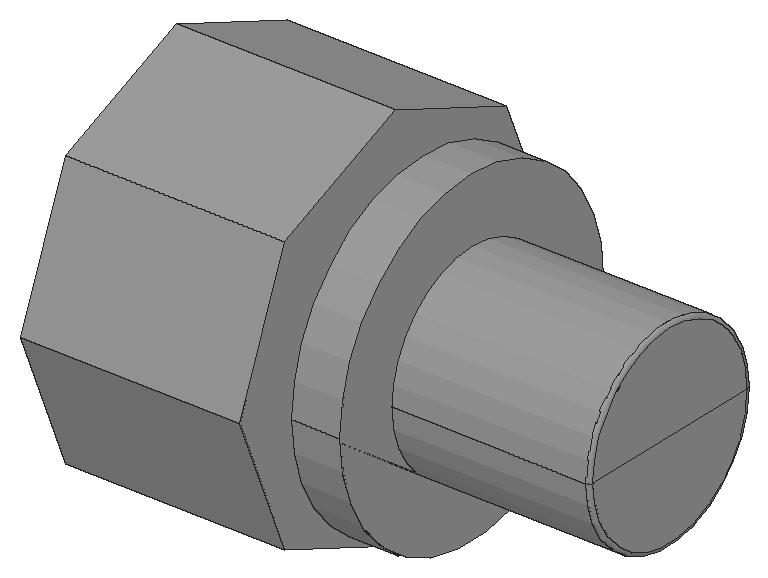
Revit family "BIMLIB_Переход_ВР_PEX_РОСТерм", category Соединительные детали трубопроводов, Revit 2017
Family settings
  Размер круглого соединителя = Использовать диаметр
  Тип детали = Соединение
  На основе рабочей плоскости = Нет
  Всегда вертикально = Да
  При загрузке вырезать с полостями = Нет
  Общий = Нет
Parameters (values of type "Переход ВР PEX")
  РТ_S [instance] = size_lookup("Наименование", "РТ_S1", 0 mm, РТ_DN, РТ_GN)  # 45 mm
  РТ_S-D [instance] = РТ_S - 4 mm  # 41 mm
  РТ_N [instance] = size_lookup("Наименование", "РТ_N", 0 mm, РТ_DN, РТ_GN)  # 12.5 mm
  РТ_L2 [instance] = size_lookup("Наименование", "РТ_L2", 0 mm, РТ_DN, РТ_GN)  # 61.5 mm
  РТ_L1 [instance] = size_lookup("Наименование", "РТ_L1", 0 mm, РТ_DN, РТ_GN)  # 43 mm
  РТ_K [instance] = size_lookup("Наименование", "РТ_K", 0 mm, РТ_DN, РТ_GN)  # 12 mm
  РТ_J [instance] = size_lookup("Наименование", "РТ_J", 0 mm, РТ_DN, РТ_GN)  # 14.8 mm
  РТ_H [instance] = size_lookup("Наименование", "РТ_H", 0 mm, РТ_DN, РТ_GN)  # 12 mm
  РТ_GN [instance] = 25 mm
  РТ_DN [instance] = 25 mm
  РТ_D [instance] = size_lookup("Наименование", "РТ_D", 0 mm, РТ_DN, РТ_GN)  # 25 mm
  РТ_C [instance] = size_lookup("Наименование", "РТ_C", 0 mm, РТ_DN, РТ_GN)  # 6 mm
  РТ_B [instance] = size_lookup("Наименование", "РТ_B", 0 mm, РТ_DN, РТ_GN)  # 12.8 mm
  Описание = "Переход ВР"  # constant formula
  URL = "http://rostherm.ru/"
  BL_Разработано = "support@bimlib.ru"  # constant formula
  BL_Email = "rostherm@bimlib.ru"  # constant formula
  BL_BIM library = "https://bimlib.pro/manufacturer/rosterm/1632/"
  ADSK_Расход жидкости = 0.0 L/s
  ADSK_Позиция = ""
  ADSK_Обозначение = "ГОСТ 32415-2013"  # constant formula
  ADSK_Наименование краткое [instance] = size_lookup("Наименование", "", "-", РТ_DN, РТ_GN)  # "Переход_ВР_25х1''"
  ADSK_Наименование [instance] = size_lookup("Наименование", "", "-", РТ_DN, РТ_GN)  # "Переход_ВР_25х1''"
  ADSK_Материал = BIMLIB_Латунь_РТ
  ADSK_Масса_Текст = ""
  ADSK_Масса [instance] = 0
  ADSK_Марка [instance] = size_lookup("артикул", "", "-", РТ_DN, РТ_GN)  # "5115"
  ADSK_Код изделия [instance] = size_lookup("артикул", "", "-", РТ_DN, РТ_GN)  # "5115"
  ADSK_Завод-изготовитель = "РОСТерм"  # constant formula
  ADSK_Единица измерения = "шт."  # constant formula
  ADSK_Версия Revit = "2017"  # constant formula
  ADSK_URL страницы изделия = "http://rostherm.ru/pexb/"
  ADSK_URL документации изделия = "http://rostherm.ru/"
Reference planes
  plane 1 "По центру (Вперед/Назад)": y = 0
  plane 2: z = 0
  plane 3 "По центру (Влево/Вправо)": x = 0
  plane 4: x = -30.75
  plane 5: x = 30.75
  plane 6: x = -18.25
  plane 7: x = -12.25
  plane 8 "B": x = -25.05
  plane 9 "C/H": x = -6.25
  plane 10: x = -18.25
  plane 11: x = -3.45
  plane 12: x = -18.75
  plane 13: y = 12.5
  plane 14: y = -12.5
  plane 15: x = 6
Forms (mm)
  Extrusion 1, solid, material "BIMLIB_Латунь_РТ" <- "ADSK_Материал", detail levels medium+fine
    sketch origin (0, 0, 0) x (0, 1, 0) y (0, 0, 1)
      loop
        circle (0, 0) r 20.5
    from 0 to 6
  Revolve 2, solid, material "BIMLIB_Латунь_РТ" <- "ADSK_Материал", detail levels medium+fine
    sketch origin (0, 0, 0) x (1, 0, 0) y (0, 1, 0)
      loop
        line (30.75, 0) -> (30.75, 12)
        arc (30.75, 12) -> (30.604, 12.354) -> (30.25, 12.5) r 0.5
        line (30.25, 12.5) -> (-3.45, 12.5) -> (-3.45, 0) -> (30.75, 0)
      axis (-3.45, 0) -> (30.75, 0)
    angle from 0 to 360
  Extrusion 3, solid, material "BIMLIB_Латунь_РТ" <- "ADSK_Материал", detail levels medium+fine
    sketch origin (0, 0, 0) x (0, 1, 0) y (0, 0, 1)
      loop
        line (0, 24.354) -> (-17.221, 17.221) -> (-24.354, 0) -> (-17.221, -17.221) -> (0, -24.354) -> (17.221, -17.221) -> (24.354, 0) -> (17.221, 17.221) -> (0, 24.354)
    from -30.75 to -3.45
Lines and regions (mm)
  model lines, detail levels coarse
    curve 1: line (-30.75, 0, 0) -> (6, 0, 0)
    curve 2: line (-30.75, 0, 15.965) -> (30.75, 0, 15.965)
    curve 3: line (-30.75, 0, -15.965) -> (30.75, 0, -15.965)
  symbolic lines, detail levels coarse
    curve 4: line (-30.75, 24.354, 0) -> (30.75, 24.354, 0)
    curve 5: line (-30.75, -24.354, 0) -> (30.75, -24.354, 0)
Dimensions and locks
  equal spacing: plane 4, plane 3 "По центру (Влево/Вправо)", plane 5
  "РТ_L2": plane 4 to plane 5
  "РТ_N": plane 4 to plane 6
  "РТ_B": plane 8 "B" to plane 7
  "РТ_L1": plane 7 to plane 5
  "РТ_C": plane 7 to plane 9 "C/H"
  "РТ_H": plane 10 to plane 9 "C/H"
  "РТ_J": plane 10 to plane 11
  "РТ_K": plane 4 to plane 12
  equal spacing: plane 14, plane 1 "По центру (Вперед/Назад)", plane 13
  "РТ_D": plane 13 to plane 14
  equal spacing: Extrusion 3 sketch curve, plane 2, Extrusion 3 sketch curve  (x4)
  "РТ_S": Extrusion 3 sketch curve to Extrusion 3 sketch curve  (x4)
  "РТ_C": plane 3 "По центру (Влево/Вправо)" to plane 15
  "РТ_S-D": diameter of Extrusion 1 sketch curve
  locked: Extrusion 3 sketch curve to Extrusion 3 sketch curve (angle 135.00°)  (x7)
  aligned and locked: level to plane 2
  aligned and locked: plane 1 "По центру (Вперед/Назад)" to Extrusion 1 sketch curve
  aligned and locked: plane 2 to Extrusion 1 sketch curve
  aligned and locked: plane 1 "По центру (Вперед/Назад)" to curve 1
  aligned and locked: Revolve 2 sketch curve to plane 1 "По центру (Вперед/Назад)"
  aligned and locked: Revolve 2 sketch curve to plane 5
  aligned and locked: Revolve 2 sketch curve to plane 11
  aligned and locked: Revolve 2 sketch curve to plane 13
  aligned and locked: Extrusion 3 to plane 4
  aligned and locked: Extrusion 1 to plane 3 "По центру (Влево/Вправо)"
  aligned and locked: Extrusion 3 to plane 11
  aligned and locked: plane 15 to Extrusion 1
  aligned and locked: Extrusion 1 to curve 1
  aligned and locked: plane 5 to curve 4
  aligned and locked: curve 4 to Extrusion 3
  aligned and locked: plane 5 to curve 5
  aligned and locked: plane 4 to curve 5
  aligned and locked: plane 4 to curve 4
Automatic sketch dimensions
  Extrusion 3 sketch curve to level = 0 mm
  Extrusion 3 sketch curve to plane 1 "По центру (Вперед/Назад)" = 0 mm
  plane 1 "По центру (Вперед/Назад)" to Revolve 2 sketch curve = 0 mm
  Revolve 2 sketch curve to plane 11 = 0 mm
  Revolve 2 sketch curve to plane 5 = 0 mm
  Revolve 2 sketch curve to plane 5 = 0.5 mm
  plane 1 "По центру (Вперед/Назад)" to curve 2 = 0 mm
  curve 2 to plane 4 = 0 mm
  curve 2 to plane 5 = 0 mm
  plane 1 "По центру (Вперед/Назад)" to curve 3 = 0 mm
  curve 3 to plane 4 = 0 mm
  curve 3 to plane 5 = 0 mm
  curve 1 to plane 4 = 0 mm
  plane 1 "По центру (Вперед/Назад)" to curve 5 = 24.354 mm
Connectors
  piping at (-30.75, 0, 0), diameter 25, driven by "РТ_GN"
    settings: on Extrusion 3, index 1, connector inside diameter 609.6 mm, connector length 0 mm, flow factor 0, pipe flow 0.0 L/s, pressure drop 0.0 Pa, fitting loss kfactor 0, connector angle 0.00°, fixture units 0, engagement length 0 mm, angle of deflection 0.00°, flow configuration 0, flow direction 0, fitting loss method 0, system type 28, joint type 0, gender type 0, connector reference index 3, connector utility 0, adjustable connector no, is connector primary yes, connector description ""
  piping at (6, 0, 0), diameter 25, driven by "РТ_DN"
    settings: on Extrusion 1, index 3, connector inside diameter 609.6 mm, connector length 0 mm, flow factor 0, pipe flow 0.0 L/s, pressure drop 0.0 Pa, fitting loss kfactor 0, connector angle 0.00°, fixture units 0, engagement length 0 mm, angle of deflection 0.00°, flow configuration 0, flow direction 0, fitting loss method 0, system type 28, joint type 0, gender type 0, connector reference index 1, connector utility 0, adjustable connector no, is connector primary no, connector description ""
